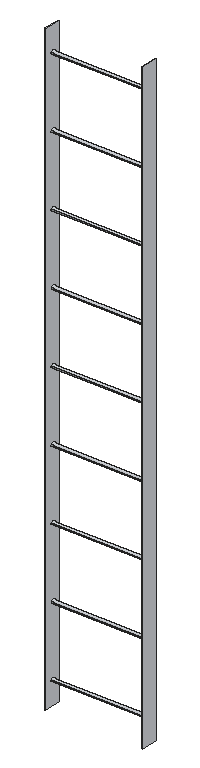
Revit family "Straight Ladder 2", category Generic Models, Revit 2022
Family settings
  Can host rebar = No
  Round Connector Dimension = Use Diameter
  Part Type = Normal
  Work Plane-Based = No
  Always vertical = Yes
  Cut with Voids When Loaded = No
  Maintain Annotation Orientation = No
  Shared = No
  Room Calculation Point = No
Parameters
  W [instance] = 600 mm
  No [instance] = 9
  H1 [instance] = 3800 mm
  Default Elevation = 0 mm
  Clear Height [instance] = 150 mm
Reference planes
  plane 1 "Center (Front/Back)": y = 0
  plane 2: z = 0
  plane 3 "Center (Left/Right)": x = 0
  plane 4: x = -300
  plane 5: x = 300
  plane 6: z = 3800
  plane 7: z = 150
  plane 8: z = 3650
Forms (mm)
  Sweep 1, solid
    path origin (0, 0, 0) x (1, 0, 0) y (0, 0, 1)
      loop
        line (-300, 3800) -> (-300, 0)
    profile origin (-300, 0, 1900) x (0, -1, 0) y (1, 0, 0)
      loop
        line (-100, -6.4) -> (0, -6.4) -> (0, 0) -> (-100, 0) -> (-100, -6.4)
  Sweep 2, solid
    path origin (0, 0, 0) x (1, 0, 0) y (0, 0, 1)
      loop
        line (300, 3800) -> (300, 0)
    profile origin (300, 0, 1900) x (0, -1, 0) y (1, 0, 0)
      loop
        line (0, 0) -> (0, 6.4) -> (-100, 6.4) -> (-100, 0) -> (0, 0)
Dimensions and locks
  equal spacing: plane 4, plane 3 "Center (Left/Right)", plane 5
  "W": plane 4 to plane 5
  plane 6 to plane 2 = 3800 mm
  "H1": plane 6 to plane 2
  "Clear Height": plane 7 to plane 2
  equal spacing: group 1, group 3, group 4, group 5, group 6, group 7, group 8, group 9, group 2  (x3)
  "Clear Height": plane 6 to plane 8
  aligned and locked: level to plane 2
  aligned and locked: plane 2 to Sweep 1 sketch curve
  aligned and locked: plane 6 to Sweep 1 sketch curve
  aligned and locked: plane 2 to Sweep 2 sketch curve
  aligned and locked: plane 6 to Sweep 2 sketch curve
  aligned and locked: Sweep 1 to nested 1
  aligned and locked: plane 7 to nested 1
  aligned and locked: plane 8 to nested 2
  aligned and locked: plane 4 to nested 2
  aligned and locked: profile plane to Sweep 2 sketch curve  (x2)
Automatic sketch dimensions
  plane 5 to Sweep 2 sketch curve = 0 mm
  Sweep 1 sketch curve to plane 4 = 0 mm
  Sweep 1 sketch curve to profile plane = 0 mm
  profile plane to Sweep 1 sketch curve = 6.4 mm
  Sweep 1 sketch curve to Sweep 1 sketch curve = 100 mm
  Sweep 2 sketch curve to profile plane = 6.4 mm
  Sweep 2 sketch curve to plane 1 "Center (Front/Back)" = 100 mm
  plane 1 "Center (Front/Back)" to Sweep 1 sketch curve = 0 mm
Nested families
  nested 1: "Family2" at (-300, 50, 150), W <- "W", type "Family2"
    with W 600 mm, Dia 10 mm
  nested 2: "Family2" at (-300, 50, 3650), W <- "W", type "Family2"
    with W 600 mm, Dia 10 mm
  nested 3: "Family2" at (-300, 50, 587.5), W <- "W", type "Family2"
    with W 600 mm, Dia 10 mm
  nested 4: "Family2" at (-300, 50, 1025), W <- "W", type "Family2"
    with W 600 mm, Dia 10 mm
  nested 5: "Family2" at (-300, 50, 1462.5), W <- "W", type "Family2"
    with W 600 mm, Dia 10 mm
  nested 6: "Family2" at (-300, 50, 1900), W <- "W", type "Family2"
    with W 600 mm, Dia 10 mm
  nested 7: "Family2" at (-300, 50, 2337.5), W <- "W", type "Family2"
    with W 600 mm, Dia 10 mm
  nested 8: "Family2" at (-300, 50, 2775), W <- "W", type "Family2"
    with W 600 mm, Dia 10 mm
  nested 9: "Family2" at (-300, 50, 3212.5), W <- "W", type "Family2"
    with W 600 mm, Dia 10 mm
Definition of nested family "Family2"
  Parameters (values of type "Family2")
    W [instance] = 500 mm
    Dia [instance] = 20 mm
    Default Elevation = 0 mm
  Reference planes
    plane 1 "Center (Front/Back)": y = 0
    plane 2: z = 0
    plane 3 "Center (Left/Right)": x = 0
  Forms (mm)
    Extrusion 1, solid
      sketch origin (0, 0, 0) x (0, 1, 0) y (0, 0, 1)
        loop
          circle (0, 0) r 20
      from 0 to 500
  Dimensions and locks
    "W": plane 3 "Center (Left/Right)" to Extrusion 1
    "Dia": radius of Extrusion 1 sketch curve
    aligned and locked: level to plane 2
    aligned and locked: Extrusion 1 to plane 3 "Center (Left/Right)"
  Automatic sketch dimensions
    Extrusion 1 sketch curve to level = 0 mm
    Extrusion 1 sketch curve to plane 1 "Center (Front/Back)" = 0 mm
